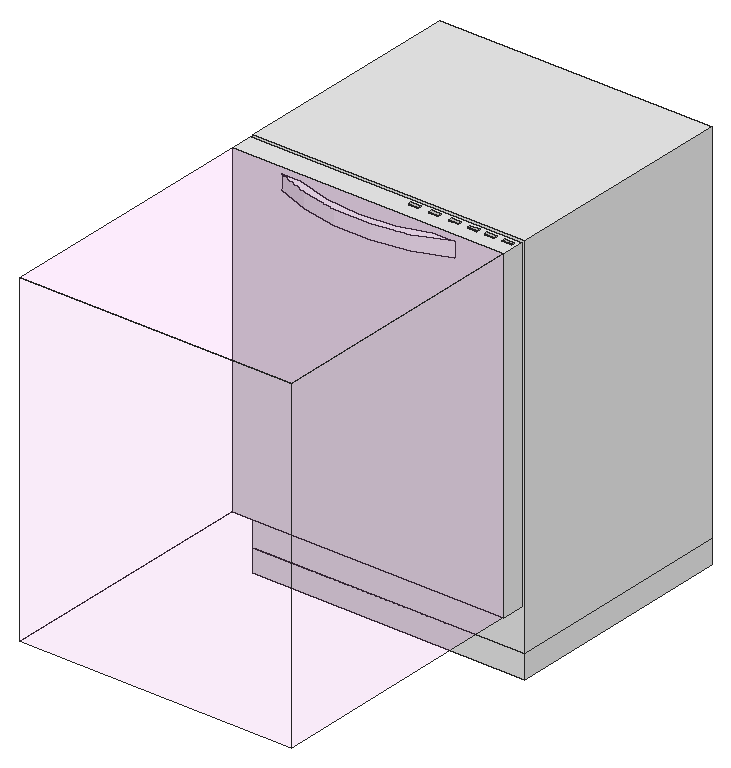
Revit family "QF_Summit_DW242WADA_Dishwasher", category Specialty Equipment, Revit 2020
Family settings
  Round Connector Dimension = Use Diameter
  Part Type = Normal
  Work Plane-Based = No
  Always vertical = Yes
  Cut with Voids When Loaded = No
  Shared = No
  Room Calculation Point = No
Parameters
  Weight in Pounds = 95
  Watts = if(Phase = 3, Volts * FL Amps * 1.73, Volts * FL Amps)  # 1380 W
  Waste Water Discharge Temperature = -459.67 °F
  Volts = 115 V
  URL Cutsheet = ""
  Specification by User = ""
  Specification by Manufacturer = ""
  Show Legs [instance] = yes
  Show Door Clearance [instance] = yes
  Show Default Legs [instance] = not(Show Legs)  # no
  Serial Number = ""
  Seismic Rating = ""
  SMACNA No = ""
  Revision Code = ""
  Plumbing Remarks = ""
  Plumbing Connection Type = ""
  Phase = 1
  Number of Poles = 1
  NAFEM Spec ID Number = ""
  Model = "DW242WADA"
  Min Ckt Ampacity = 0 A
  Max Overcurrent Protection = 0 A
  Masterspec = ""
  Manufacturer = "Summit"
  Length = 23 1/2"
  Item Number = ""
  Installed By = ""
  Indirect Waste Size = 1/2"
  Indirect Waste Flow = 0 GPM
  Indirect Waste Connection Type = ""
  Indirect Waste Connection Height = 0"
  Identify Quantity as Lot = yes
  Height [instance] = if(Show Default Legs, 32 1/4", 34")  # 34"
  HP = ""
  Furnished By = ""
  Foodservice Equipment Identifier = yes
  FL Amps = 12 A
  Electrical Remarks = ""
  Electric Connection Type = ""
  Elec Conn RI Height = 0"
  Elec Conn Connection Height = 0"
  Description = "Dishwasher"
  Depth = 24 1/4"
  Default Elevation = 0"
  Cycle = 60 Hz
  Conn Plug = ""
  Conn Conduit = yes
  Cold Water Temperature Recommended = -459.67 °F
  Cold Water Size = 1/2"
  Cold Water RI Height = 0"
  Cold Water Minimum Pressure = 0.00 psi
  Cold Water Maximum Pressure = 0.00 psi
  Cold Water Flow = 0 GPM
  Cold Water Consumption = ""
  Cold Water Connection Height = 0"
  CSI MasterFormat = ""
  Apparent Power = if(Phase = 3, Volts * FL Amps * 1.73, Volts * FL Amps)  # 1380 VA
Reference planes (in)
  plane 1 "BACK": y = 0
  plane 2: z = 0
  plane 3 "LEFT": x = 0
  plane 4 "RIGHT": x = 23.5
  plane 5 "FRONT": y = -24.25
  plane 6 "TOP": z = 34
  plane 7 "Center Y": x = 11.75
  plane 8 "Center X": y = -12.125
  plane 9: y = -22.5
  plane 10: y = -20.25
  plane 11: y = -45.5
  plane 12: z = 1.75
  plane 13: z = 2
  plane 14: z = 5.75
  plane 15: z = 5.5
Forms (in)
  Revolve 1, solid, material "QF_Metal_Stainless_Polished", visible <- "Show Default Legs"
    sketch origin (0, -2, 0) x (1, 0, 0) y (0, 0, 1)
      loop
        line (1.73437, 1.75) -> (1.73437, 2) -> (1.1733, 2) -> (1.1733, 1.875) -> (1, 1.875) -> (1, 1.75) -> (1.73437, 1.75)
      axis (1.73437, 2) -> (1.73437, 1.75)
    angle from 0 to 360
  Revolve 2, solid, material "QF_Metal_Stainless_Polished", visible <- "Show Default Legs"
    sketch origin (0, -18.25, 0) x (1, 0, 0) y (0, 0, 1)
      loop
        line (1.73437, 1.75) -> (1.73437, 2) -> (1.1733, 2) -> (1.1733, 1.875) -> (1, 1.875) -> (1, 1.75) -> (1.73437, 1.75)
      axis (1.73437, 2) -> (1.73437, 1.75)
    angle from 0 to 360
  Revolve 3, solid, material "QF_Metal_Stainless_Polished", visible <- "Show Default Legs"
    sketch origin (17.5, -2, 0) x (-1, 0, 0) y (0, 0, -1)
      loop
        line (-4.26563, -1.75) -> (-5, -1.75) -> (-5, -1.875) -> (-4.8267, -1.875) -> (-4.8267, -2) -> (-4.26563, -2) -> (-4.26563, -1.75)
      axis (-4.26563, -2) -> (-4.26563, -1.75)
    angle from 0 to 360
  Revolve 4, solid, material "QF_Metal_Stainless_Polished", visible <- "Show Default Legs"
    sketch origin (17.5, -18.25, 0) x (-1, 0, 0) y (0, 0, -1)
      loop
        line (-4.26563, -1.75) -> (-5, -1.75) -> (-5, -1.875) -> (-4.8267, -1.875) -> (-4.8267, -2) -> (-4.26563, -2) -> (-4.26563, -1.75)
      axis (-4.26563, -2) -> (-4.26563, -1.75)
    angle from 0 to 360
  Revolve 5, solid, material "QF_Metal_Stainless_Polished", visible <- "Show Legs"
    sketch origin (0, -2, 0) x (1, 0, 0) y (0, 0, 1)
      loop
        line (1, 0) -> (1.73437, 0) -> (1.73437, 2) -> (1.1733, 2) -> (1.1733, 0.125) -> (1, 0.125) -> (1, 0)
      axis (1.73437, 2) -> (1.73437, 0)
    angle from 0 to 360
  Revolve 6, solid, material "QF_Metal_Stainless_Polished", visible <- "Show Legs"
    sketch origin (0, -18.25, 0) x (1, 0, 0) y (0, 0, 1)
      loop
        line (1, 0) -> (1.73437, 0) -> (1.73437, 2) -> (1.1733, 2) -> (1.1733, 0.125) -> (1, 0.125) -> (1, 0)
      axis (1.73437, 2) -> (1.73437, 0)
    angle from 0 to 360
  Extrusion 7, solid, material "QF_Metallic_Paint_White_Smooth", visible <- "Show Legs"
    sketch origin (0, 0, 0) x (1, 0, 0) y (0, 1, 0)
      loop
        line (0, 0) -> (0, -20.25) -> (23.5, -20.25) -> (23.5, 0) -> (0, 0)
      loop
        line (0.0625, -20.1875) -> (23.4375, -20.1875) -> (23.4375, -0.0625) -> (0.0625, -0.0625) -> (0.0625, -20.1875)
    from 0 to 2
  Revolve 8, solid, material "QF_Metal_Stainless_Polished", visible <- "Show Default Legs"
    sketch origin (10.01563, -2, 0) x (1, 0, 0) y (0, 0, 1)
      loop
        line (1.73437, 1.75) -> (1.73437, 2) -> (1.1733, 2) -> (1.1733, 1.875) -> (1, 1.875) -> (1, 1.75) -> (1.73437, 1.75)
      axis (1.73437, 2) -> (1.73437, 1.75)
    angle from 0 to 360
  Revolve 9, solid, material "QF_Metal_Stainless_Polished", visible <- "Show Default Legs"
    sketch origin (10.01563, -18.25, 0) x (1, 0, 0) y (0, 0, 1)
      loop
        line (1.73437, 1.75) -> (1.73437, 2) -> (1.1733, 2) -> (1.1733, 1.875) -> (1, 1.875) -> (1, 1.75) -> (1.73437, 1.75)
      axis (1.73437, 2) -> (1.73437, 1.75)
    angle from 0 to 360
  Revolve 10, solid, material "QF_Metal_Stainless_Polished", visible <- "Show Legs"
    sketch origin (10.01563, -2, 0) x (1, 0, 0) y (0, 0, 1)
      loop
        line (1, 0) -> (1.73437, 0) -> (1.73437, 2) -> (1.1733, 2) -> (1.1733, 0.125) -> (1, 0.125) -> (1, 0)
      axis (1.73437, 2) -> (1.73437, 0)
    angle from 0 to 360
  Revolve 11, solid, material "QF_Metal_Stainless_Polished", visible <- "Show Legs"
    sketch origin (10.01563, -18.25, 0) x (1, 0, 0) y (0, 0, 1)
      loop
        line (1, 0) -> (1.73437, 0) -> (1.73437, 2) -> (1.1733, 2) -> (1.1733, 0.125) -> (1, 0.125) -> (1, 0)
      axis (1.73437, 2) -> (1.73437, 0)
    angle from 0 to 360
  Revolve 12, solid, material "QF_Metal_Stainless_Polished", visible <- "Show Legs"
    sketch origin (23.5, -2, 0) x (-1, 0, 0) y (0, 0, -1)
      loop
        line (1, 0) -> (1, -0.125) -> (1.1733, -0.125) -> (1.1733, -2) -> (1.73437, -2) -> (1.73437, 0) -> (1, 0)
      axis (1.73437, -2) -> (1.73437, 0)
    angle from 0 to 360
  Revolve 13, solid, material "QF_Metal_Stainless_Polished", visible <- "Show Legs"
    sketch origin (23.5, -18.25, 0) x (-1, 0, 0) y (0, 0, -1)
      loop
        line (1, 0) -> (1, -0.125) -> (1.1733, -0.125) -> (1.1733, -2) -> (1.73437, -2) -> (1.73437, 0) -> (1, 0)
      axis (1.73437, -2) -> (1.73437, 0)
    angle from 0 to 360
Dimensions and locks (in)
  equal spacing: plane 3 "LEFT", plane 7 "Center Y", plane 4 "RIGHT"
  "Length": plane 3 "LEFT" to plane 4 "RIGHT"
  equal spacing: plane 5 "FRONT", plane 8 "Center X", plane 1 "BACK"
  "Depth": plane 5 "FRONT" to plane 1 "BACK"
  "Height": plane 6 "TOP" to level
  plane 9 to plane 1 "BACK" = 22 1/2"
  plane 10 to plane 1 "BACK" = 20 1/4"
  plane 11 to plane 1 "BACK" = 45 1/2"
  plane 6 "TOP" to plane 12 = 32 1/4"
  plane 6 "TOP" to plane 14 = 28 1/4"
  plane 13 to plane 12 = 1/4"
  plane 15 to plane 13 = 3 1/2"
  plane 4 "RIGHT" to plane 3 "LEFT" = 23 1/2"
  locked: Revolve 5 sketch curve to Revolve 6 at 0.125
  locked: Revolve 13 sketch curve to Revolve 12 at 0.125
  locked: Revolve 12 sketch curve to Revolve 12 sketch curve at 0.125
  aligned and locked: level to plane 2
  aligned and locked: plane 13 to nested 1
Automatic sketch dimensions
  Revolve 1 sketch curve to plane 12 = 0"  (x2)
  Revolve 1 sketch curve to plane 13 = 0"
  plane 12 to Revolve 1 sketch curve = 1/8"
  plane 3 "LEFT" to Revolve 1 sketch curve = 1"
  Revolve 1 sketch curve to Revolve 1 sketch curve = 0.1733"
  Revolve 1 sketch curve to Revolve 1 sketch curve = 0.56107"
  Revolve 1 sketch curve to Revolve 1 sketch curve = 0"
  Revolve 1 sketch curve to Revolve 1 sketch curve = 1/4"
  Revolve 2 sketch curve to plane 12 = 0"  (x2)
  Revolve 2 sketch curve to plane 13 = 0"
  plane 12 to Revolve 2 sketch curve = 1/8"
  plane 3 "LEFT" to Revolve 2 sketch curve = 1"
  Revolve 2 sketch curve to Revolve 2 sketch curve = 0.1733"
  Revolve 2 sketch curve to Revolve 2 sketch curve = 0.56107"
  Revolve 2 sketch curve to Revolve 2 sketch curve = 0"
  Revolve 2 sketch curve to Revolve 2 sketch curve = 1/4"
  Revolve 3 sketch curve to plane 12 = 0"  (x2)
  Revolve 3 sketch curve to plane 13 = 0"
  plane 12 to Revolve 3 sketch curve = 1/8"
  plane 4 "RIGHT" to Revolve 3 sketch curve = 1"
  Revolve 3 sketch curve to Revolve 3 sketch curve = 0.1733"
  Revolve 3 sketch curve to Revolve 3 sketch curve = 0.56107"
  Revolve 3 sketch curve to Revolve 3 sketch curve = 0"
  Revolve 3 sketch curve to Revolve 3 sketch curve = 1/4"
  Revolve 4 sketch curve to plane 12 = 0"  (x2)
  Revolve 4 sketch curve to plane 13 = 0"
  plane 12 to Revolve 4 sketch curve = 1/8"
  plane 4 "RIGHT" to Revolve 4 sketch curve = 1"
  Revolve 4 sketch curve to Revolve 4 sketch curve = 0.1733"
  Revolve 4 sketch curve to Revolve 4 sketch curve = 0.56107"
  Revolve 4 sketch curve to Revolve 4 sketch curve = 0"
  Revolve 4 sketch curve to Revolve 4 sketch curve = 1/4"
  Extrusion 7 sketch curve to plane 3 "LEFT" = 0"
  Extrusion 7 sketch curve to plane 4 "RIGHT" = 0"
  Extrusion 7 sketch curve to plane 10 = 0"
  plane 1 "BACK" to Extrusion 7 sketch curve = 0"
  plane 3 "LEFT" to Extrusion 7 sketch curve = 1/16"
  plane 4 "RIGHT" to Extrusion 7 sketch curve = 1/16"
  plane 10 to Extrusion 7 sketch curve = 1/16"
  plane 1 "BACK" to Extrusion 7 sketch curve = 1/16"
  Revolve 8 sketch curve to plane 12 = 0"  (x2)
  Revolve 8 sketch curve to plane 13 = 0"
  Revolve 8 sketch curve to plane 7 "Center Y" = 0"  (x2)
  Revolve 8 sketch curve to Revolve 8 sketch curve = 0.56107"
  Revolve 8 sketch curve to Revolve 8 sketch curve = 0.1733"
  plane 12 to Revolve 8 sketch curve = 1/8"
  Revolve 8 sketch curve to Revolve 8 sketch curve = 1/4"
  Revolve 9 sketch curve to plane 12 = 0"  (x2)
  Revolve 9 sketch curve to plane 13 = 0"
  Revolve 9 sketch curve to plane 7 "Center Y" = 0"  (x2)
  Revolve 9 sketch curve to plane 7 "Center Y" = 0.56107"
  Revolve 9 sketch curve to Revolve 9 sketch curve = 0.1733"
  plane 12 to Revolve 9 sketch curve = 1/8"
  Revolve 9 sketch curve to Revolve 9 sketch curve = 1/4"
  Revolve 6 sketch curve to level = 0"  (x2)
  plane 3 "LEFT" to Revolve 6 sketch curve = 1"
  Revolve 6 sketch curve to Revolve 6 sketch curve = 47/64"
  Revolve 6 sketch curve to Revolve 6 sketch curve = 0.1733"
  Revolve 6 sketch curve to Revolve 6 sketch curve = 0"
  Revolve 6 sketch curve to Revolve 6 sketch curve = 1"
  level to Revolve 6 sketch curve = 1/8"
  Revolve 6 sketch curve to plane 13 = 0"
  Revolve 5 sketch curve to level = 0"  (x2)
  plane 3 "LEFT" to Revolve 5 sketch curve = 1"
  Revolve 5 sketch curve to Revolve 5 sketch curve = 47/64"
  Revolve 5 sketch curve to Revolve 5 sketch curve = 0"
  Revolve 5 sketch curve to Revolve 5 sketch curve = 1"
  Revolve 5 sketch curve to plane 13 = 0"
  Revolve 5 sketch curve to Revolve 5 sketch curve = 0.1733"
  Revolve 11 sketch curve to level = 0"  (x2)
  Revolve 11 sketch curve to plane 13 = 0"
  Revolve 11 sketch curve to plane 7 "Center Y" = 0"  (x2)
  Revolve 11 sketch curve to plane 7 "Center Y" = 0.56107"
  Revolve 11 sketch curve to Revolve 11 sketch curve = 1"
  level to Revolve 11 sketch curve = 1/8"
  Revolve 11 sketch curve to Revolve 11 sketch curve = 0.1733"
  Revolve 10 sketch curve to level = 0"  (x2)
  Revolve 10 sketch curve to plane 13 = 0"
  Revolve 10 sketch curve to plane 7 "Center Y" = 0"  (x2)
  Revolve 10 sketch curve to Revolve 10 sketch curve = 0.56107"
  Revolve 10 sketch curve to Revolve 10 sketch curve = 0.1733"
  Revolve 10 sketch curve to Revolve 10 sketch curve = 1"
  level to Revolve 10 sketch curve = 1/8"
  Revolve 13 sketch curve to level = 0"  (x2)
  Revolve 13 sketch curve to plane 13 = 0"
  plane 4 "RIGHT" to Revolve 13 sketch curve = 1"
  Revolve 13 sketch curve to Revolve 13 sketch curve = 47/64"
  Revolve 13 sketch curve to Revolve 13 sketch curve = 0.1733"
  Revolve 13 sketch curve to Revolve 13 sketch curve = 0"
  Revolve 13 sketch curve to level = 1"
  Revolve 12 sketch curve to level = 0"  (x2)
  Revolve 12 sketch curve to plane 13 = 0"
  plane 4 "RIGHT" to Revolve 12 sketch curve = 1"
  Revolve 12 sketch curve to Revolve 12 sketch curve = 47/64"
  Revolve 12 sketch curve to Revolve 12 sketch curve = 0.1733"
  Revolve 12 sketch curve to Revolve 12 sketch curve = 0"
  Revolve 12 sketch curve to level = 1"
Nested families (in)
  nested 1: "DW242WADA" at (0, 0, 0), Show Door Clearance <- "Show Door Clearance", type "DW242WADA"
    with Show Door Clearance yes, Height 34"
Connectors (in)
  piping at (7.03371, 0.25, 3.67651), diameter 0.5, driven by "Cold Water Size"
    settings: on nested 1, index 1, connector inside diameter 24", connector length 0", flow factor 0, pipe flow 0 GPM, pressure drop 0.00 psi, fitting loss kfactor 0, connector angle 0.00°, fixture units 0, engagement length 0", angle of deflection 0.00°, flow configuration 1, flow direction 1, fitting loss method 0, system type 20, joint type 0, gender type 0, connector reference index -1, connector utility 0, adjustable connector no, is connector primary yes, connector description "Water Connection"
  piping at (9.03371, 0.25, 3.67651), diameter 0.5, driven by "Indirect Waste Size"
    settings: on nested 1, index 2, connector inside diameter 24", connector length 0", flow factor 0, pipe flow 0 GPM, pressure drop 0.00 psi, fitting loss kfactor 0, connector angle 0.00°, fixture units 0, engagement length 0", angle of deflection 0.00°, flow configuration 1, flow direction 1, fitting loss method 0, system type 16, joint type 0, gender type 0, connector reference index -1, connector utility 0, adjustable connector no, is connector primary no, connector description "Drain Connection"
  electrical at (11.06496, 0.25, 3.67651), driven by "Volts", driven by "Watts"
    settings: on nested 1, index 3, voltage 115 V, apparent load 1380 VA, apparent load phase1 0 VA, apparent load phase2 0 VA, apparent load phase3 0 VA, power factor 1, load classification "Other", number of poles 1, system type 30, power factor state 1, is connector primary yes, connector utility no, sub classification motor no, connector description "Electrical Connection"
Definition of nested family "DW242WADA"
  Parameters (values of type "DW242WADA")
    Weight in Pounds = 0
    Watts = if(Phase = 3, Volts * FL Amps * 1.73, Volts * FL Amps)  # 0 W
    Volts = 0 V
    URL Cutsheet = ""
    Specification by User = ""
    Specification by Manufacturer = ""
    Show Door Clearance [instance] = yes
    Serial Number = ""
    Seismic Rating = ""
    SMACNA No = ""
    Revision Code = ""
    Phase = 0
    Number of Poles = 1
    NAFEM Spec ID Number = ""
    Min Ckt Ampacity = 0 A
    Max Overcurrent Protection = 0 A
    Masterspec = ""
    Length = 23 1/2"
    Item Number = ""
    Installed By = ""
    Identify Quantity as Lot = yes
    Height [instance] = 34"
    HP = ""
    Furnished By = ""
    Foodservice Equipment Identifier = yes
    FL Amps = 0 A
    Electrical Remarks = ""
    Electric Connection Type = ""
    Elec Conn RI Height = 0"
    Elec Conn Connection Height = 0"
    Depth = 24 1/4"
    Default Elevation = 0"
    Cycle = 0 Hz
    Conn Plug = ""
    Conn Conduit = yes
    CSI MasterFormat = ""
    Apparent Power = if(Phase = 3, Volts * FL Amps * 1.73, Volts * FL Amps)  # 0 VA
  Reference planes (in)
    plane 1 "BACK": y = 0
    plane 2: z = 0
    plane 3 "LEFT": x = 0
    plane 4 "RIGHT": x = 23.5
    plane 5 "FRONT": y = -24.25
    plane 6 "TOP": z = 34
    plane 7 "Center Y": x = 11.75
    plane 8 "Center X": y = -12.125
    plane 9: y = -22.5
    plane 10: y = -20.25
    plane 11: y = -45.5
    plane 12: z = 1.75
    plane 13: z = 2
    plane 14: z = 5.75
    plane 15: z = 5.5
  Forms (in)
    Extrusion 1, solid
      sketch origin (-8.01619, -180, 2.125) x (-1, 0, 0) y (0, -1, 0)
        loop
          line (-8.01619, -180) -> (-8.01619, -159.75) -> (-31.51619, -159.75) -> (-31.51619, -180) -> (-8.01619, -180)
      from -0.125 to 31.875
    Extrusion 2, solid
      sketch origin (-9.94716, -22.5, 48) x (-1, 0, 0) y (0, 0, 1)
        loop
          line (-9.94716, -14) -> (-33.44716, -14) -> (-33.44716, -42.25) -> (-9.94716, -42.25) -> (-9.94716, -14)
      from 0 to 2
    Extrusion 3, solid
      sketch origin (-9.94716, -20.5, 48) x (-1, 0, 0) y (0, 0, 1)
        loop
          line (-10.44716, -14.5) -> (-32.94716, -14.5) -> (-32.94716, -41.75) -> (-10.44716, -41.75) -> (-10.44716, -14.5)
      from 0 to 0.25
    Extrusion 4, solid
      sketch origin (3.0625, 0, 0.0625) x (1, 0, 0) y (0, 0, 1)
        loop
          circle (3.97121, 3.61401) r 0.5
      from 0 to -0.25
    Extrusion 5, solid
      sketch origin (5.0625, 0, 0.0625) x (1, 0, 0) y (0, 0, 1)
        loop
          circle (3.97121, 3.61401) r 0.5
      from 0 to -0.25
    Extrusion 6, solid
      sketch origin (7.0625, 0, 0.0625) x (1, 0, 0) y (0, 0, 1)
        loop
          circle (4.00246, 3.61401) r 0.34934
      from 0 to -0.25
    Extrusion 7, solid
      sketch origin (-35.39759, -180, 34) x (-1, 0, 0) y (0, -1, 0)
        loop
          arc (-39.64759, -157.5) -> (-47.14759, -155.75) -> (-54.64759, -157.5) r 16.94643
          line (-54.64759, -157.5) -> (-53.05926, -157.5)
          arc (-53.05926, -157.5) -> (-47.14759, -156.39063) -> (-41.23593, -157.5) r 16.3058
          line (-41.23593, -157.5) -> (-39.64759, -157.5)
      from -0.5 to -1.75
    Extrusion 8, solid
      sketch origin (0, -22.5, 34) x (1, 0, 0) y (0, 1, 0)
        loop
          line (15.96145, 1.58403) -> (15.96145, 1.29627) -> (16.78645, 1.29627) -> (16.78645, 1.58403) -> (15.96145, 1.58403)
        loop
          line (17.72707, 1.58403) -> (17.72707, 1.29627) -> (18.55207, 1.29627) -> (18.55207, 1.58403) -> (17.72707, 1.58403)
        loop
          line (19.3052, 1.58403) -> (19.3052, 1.29627) -> (20.1302, 1.29627) -> (20.1302, 1.58403) -> (19.3052, 1.58403)
        loop
          line (20.78957, 1.58403) -> (20.78957, 1.29627) -> (21.61457, 1.29627) -> (21.61457, 1.58403) -> (20.78957, 1.58403)
        loop
          line (22.28957, 1.58403) -> (22.28957, 1.29627) -> (23.11457, 1.29627) -> (23.11457, 1.58403) -> (22.28957, 1.58403)
        loop
          line (14.19582, 1.58403) -> (14.19582, 1.29627) -> (15.02082, 1.29627) -> (15.02082, 1.58403) -> (14.19582, 1.58403)
      from 0 to 0.05469
    Extrusion 9, solid, visible <- "Show Door Clearance"
      sketch origin (-8.01619, -180, 5.875) x (-1, 0, 0) y (0, -1, 0)
        loop
          line (-8.01619, -157.5) -> (-8.01619, -134.5) -> (-31.51619, -134.5) -> (-31.51619, -157.5) -> (-8.01619, -157.5)
      from -0.125 to 28.125
  Lines and regions (in)
    symbolic lines
      curve 1: line (0, 0, 0) -> (0, -20.25, 0)
      curve 2: line (23.5, 0, 0) -> (0, 0, 0)
      curve 3: line (23.5, -20.25, 0) -> (23.5, 0, 0)
      curve 4: line (0, -20.25, 0) -> (23.5, -20.25, 0)
      curve 5: line (23.5, -20.5, 0) -> (0, -20.5, 0)
      curve 6: line (0, -20.5, 0) -> (0, -22.5, 0)
      curve 7: line (0, -22.5, 0) -> (23.5, -22.5, 0)
      curve 8: line (23.5, -22.5, 0) -> (23.5, -20.5, 0)
      curve 9: line (23, -20.5, 0) -> (23, -20.25, 0)
      curve 10: line (0.5, -20.25, 0) -> (0.5, -20.5, 0)
      curve 11: arc (17.66167, -22.5, 0) -> (11.75, -23.60938, 0) -> (5.83833, -22.5, 0) r 16.3058
      curve 12: arc (4.25, -22.5, 0) -> (11.75, -24.25, 0) -> (19.25, -22.5, 0) r 16.94643
      curve 13: line (15.96145, -21.20373, 0) -> (16.78645, -21.20373, 0)
      curve 14: line (16.78645, -21.20373, 0) -> (16.78645, -20.91597, 0)
      curve 15: line (16.78645, -20.91597, 0) -> (15.96145, -20.91597, 0)
      curve 16: line (15.96145, -20.91597, 0) -> (15.96145, -21.20373, 0)
      curve 17: line (17.72707, -21.20373, 0) -> (18.55207, -21.20373, 0)
      curve 18: line (18.55207, -21.20373, 0) -> (18.55207, -20.91597, 0)
      curve 19: line (18.55207, -20.91597, 0) -> (17.72707, -20.91597, 0)
      curve 20: line (17.72707, -20.91597, 0) -> (17.72707, -21.20373, 0)
      curve 21: line (19.3052, -21.20373, 0) -> (20.1302, -21.20373, 0)
      curve 22: line (20.1302, -21.20373, 0) -> (20.1302, -20.91597, 0)
      curve 23: line (20.1302, -20.91597, 0) -> (19.3052, -20.91597, 0)
      curve 24: line (19.3052, -20.91597, 0) -> (19.3052, -21.20373, 0)
      curve 25: line (20.78957, -21.20373, 0) -> (21.61457, -21.20373, 0)
      curve 26: line (21.61457, -21.20373, 0) -> (21.61457, -20.91597, 0)
      curve 27: line (21.61457, -20.91597, 0) -> (20.78957, -20.91597, 0)
      curve 28: line (20.78957, -20.91597, 0) -> (20.78957, -21.20373, 0)
      curve 29: line (22.28957, -21.20373, 0) -> (23.11457, -21.20373, 0)
      curve 30: line (23.11457, -21.20373, 0) -> (23.11457, -20.91597, 0)
      curve 31: line (23.11457, -20.91597, 0) -> (22.28957, -20.91597, 0)
      curve 32: line (22.28957, -20.91597, 0) -> (22.28957, -21.20373, 0)
      curve 36: line (14.19582, -20.91597, 0) -> (15.02082, -20.91597, 0)
      curve 37: line (14.19582, -21.20373, 0) -> (14.19582, -20.91597, 0)
      curve 38: line (15.02082, -21.20373, 0) -> (14.19582, -21.20373, 0)
      curve 39: line (15.02082, -20.91597, 0) -> (15.02082, -21.20373, 0)
    symbolic lines, visible <- "Show Door Clearance"
      curve 33: line (0, -22.5, 0) -> (0, -45.5, 0)
      curve 34: line (23.5, -45.5, 0) -> (23.5, -22.5, 0)
      curve 35: line (0, -45.5, 0) -> (23.5, -45.5, 0)
  Dimensions and locks (in)
    equal spacing: plane 3 "LEFT", plane 7 "Center Y", plane 4 "RIGHT"
    "Length": plane 3 "LEFT" to plane 4 "RIGHT"
    equal spacing: plane 5 "FRONT", plane 8 "Center X", plane 1 "BACK"
    "Depth": plane 5 "FRONT" to plane 1 "BACK"
    "Height": plane 6 "TOP" to level
    plane 9 to plane 1 "BACK" = 22 1/2"
    plane 10 to plane 1 "BACK" = 20 1/4"
    plane 11 to plane 1 "BACK" = 45 1/2"
    plane 6 "TOP" to plane 12 = 32 1/4"
    plane 6 "TOP" to plane 14 = 28 1/4"
    plane 13 to plane 12 = 1/4"
    plane 15 to plane 13 = 3 1/2"
    plane 4 "RIGHT" to plane 3 "LEFT" = 23 1/2"
    plane 9 to plane 5 "FRONT" = 1 3/4"
    aligned and locked: level to plane 2
  Automatic sketch dimensions
    plane 1 "BACK" to Extrusion 1 sketch curve = 0"
    Extrusion 1 sketch curve to plane 10 = 0"
    Extrusion 1 sketch curve to plane 3 "LEFT" = 0"
    plane 7 "Center Y" to Extrusion 1 sketch curve = 11 3/4"
    Extrusion 2 sketch curve to plane 6 "TOP" = 0"
    Extrusion 2 sketch curve to plane 14 = 0"
    Extrusion 2 sketch curve to plane 3 "LEFT" = 0"
    plane 7 "Center Y" to Extrusion 2 sketch curve = 11 3/4"
    Extrusion 3 sketch curve to Extrusion 2 = 1/2"  (x4)
    plane 13 to Extrusion 4 sketch curve = 1.67651"
    plane 3 "LEFT" to Extrusion 4 sketch curve = 7.03371"
    plane 13 to Extrusion 5 sketch curve = 1.67651"
    Extrusion 5 sketch curve to plane 7 "Center Y" = 2.71629"
    plane 13 to Extrusion 6 sketch curve = 1.67651"
    Extrusion 6 sketch curve to plane 7 "Center Y" = 0.68504"
    Extrusion 7 sketch curve to Extrusion 7 sketch curve = 0"  (x2)
    Extrusion 7 sketch curve to plane 9 = 0"  (x2)
    plane 7 "Center Y" to Extrusion 7 sketch curve = 7 1/2"
    Extrusion 7 sketch curve to Extrusion 7 sketch curve = 1.58833"
    Extrusion 7 sketch curve to plane 7 "Center Y" = 0"
    plane 8 "Center X" to Extrusion 7 sketch curve = 4.82143"
    Extrusion 9 sketch curve to plane 9 = 0"
    Extrusion 9 sketch curve to plane 11 = 0"
    Extrusion 9 sketch curve to plane 3 "LEFT" = 0"
    plane 7 "Center Y" to Extrusion 9 sketch curve = 11 3/4"
    Extrusion 2 to Extrusion 8 sketch curve = 0.41597"  (x4)
    Extrusion 8 sketch curve to Extrusion 2 = 9.30418"
    Extrusion 8 sketch curve to Extrusion 8 sketch curve = 0.825"  (x5)
    Extrusion 8 sketch curve to Extrusion 8 sketch curve = 0.94063"  (x2)
    Extrusion 8 sketch curve to Extrusion 8 sketch curve = 0.75313"
    Extrusion 8 sketch curve to Extrusion 8 sketch curve = 0.65938"
    Extrusion 8 sketch curve to Extrusion 8 sketch curve = 0.675"
    Extrusion 8 sketch curve to Extrusion 2 = 0.38543"
    Extrusion 8 sketch curve to Extrusion 8 sketch curve = 0.28776"  (x6)
    Extrusion 8 sketch curve to Extrusion 8 sketch curve = 0"
    Extrusion 2 to Extrusion 8 sketch curve = 0.70373"
    curve 11 to curve 12 = 0"  (x2)
    plane 1 "BACK" to curve 1 = 0"
    curve 1 to plane 3 "LEFT" = 0"
    curve 33 to plane 3 "LEFT" = 0"
    curve 10 to plane 10 = 0"
    curve 12 to plane 9 = 0"
    curve 12 to plane 7 "Center Y" = 0"
    curve 34 to plane 4 "RIGHT" = 0"
    curve 4 to plane 4 "RIGHT" = 0"
    curve 33 to plane 11 = 0"
    curve 38 to plane 10 = 0.95373"
    plane 7 "Center Y" to curve 38 = 2.44582"
    curve 36 to curve 39 = 0.825"
    curve 38 to curve 13 = 0.94063"
    curve 15 to curve 15 = 0.825"
    curve 13 to curve 17 = 0.94063"
    curve 17 to curve 18 = 0.825"
    curve 18 to curve 24 = 0.75313"
    curve 23 to curve 22 = 0.825"
    curve 22 to curve 28 = 0.65938"
    curve 25 to curve 25 = 0.825"
    curve 26 to curve 32 = 0.675"
    plane 4 "RIGHT" to curve 30 = 0.38543"
    curve 26 to plane 10 = 0.95373"
    curve 25 to curve 29 = 0"
    curve 24 to plane 10 = 0.95373"
    curve 38 to curve 13 = 0"
    curve 13 to curve 17 = 0"
    curve 17 to curve 19 = 0.28776"
    curve 13 to curve 16 = 0.28776"
    curve 21 to curve 22 = 0.28776"
    curve 29 to curve 31 = 0.28776"
    curve 37 to curve 36 = 0.28776"
    curve 25 to curve 26 = 0.28776"
    curve 5 to plane 10 = 1/4"
    plane 8 "Center X" to curve 12 = 4.82143"
    plane 3 "LEFT" to curve 10 = 1/2"
    curve 10 to curve 12 = 3 3/4"
    curve 12 to curve 11 = 1.58833"
    curve 9 to curve 30 = 0.11457"
    radius of Extrusion 4 sketch curve = 1/2"
    radius of Extrusion 5 sketch curve = 1/2"
    radius of Extrusion 6 sketch curve = 0.34934"
